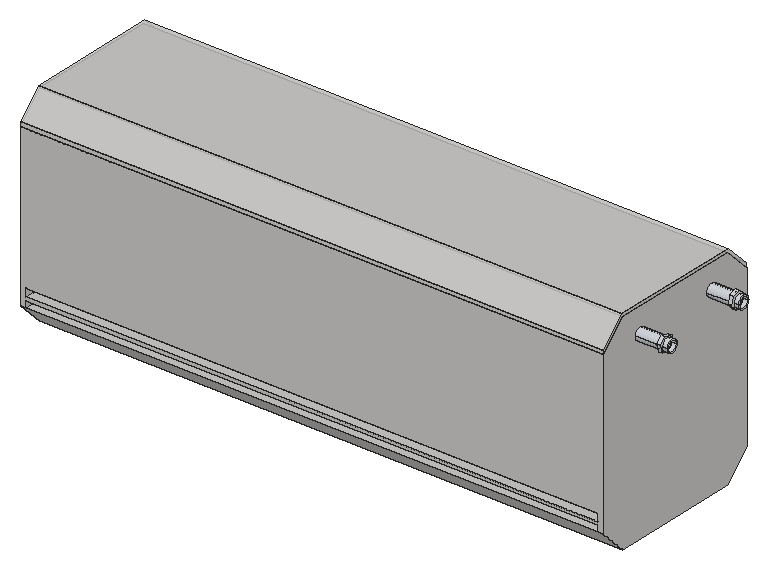
Revit family "Air-Curtain_Customer-Entry_PoweredAire_CED-HW-ST", category Mechanical Equipment, host Face, Revit 2025
Family settings
  Host = Face
  Round Connector Dimension = Use Diameter
  Part Type = Normal
  OmniClass Number = 23.75.35.17.21
  OmniClass Title = Air Curtains
  Cut with Voids When Loaded = No
  Maintain Annotation Orientation = No
  Shared = No
  Room Calculation Point = No
Parameters
  upperrotation [instance] = if(Upper Pipe Connection Side A, 0.00°, 180.00°)  # 0.00°
  lowerrotation [instance] = if(Lower Pipe Connection Side A, 0.00°, 180.00°)  # 0.00°
  locateupperpipe [instance] = 0.00"
  locatelowerpipe [instance] = 0.00"
  Upper Pipe Connection Side A [instance] = yes
  Unit Width Notes = "Other Widths available."  # constant formula
  Unit Width [instance] = 49.00"
  Unit Weight = 0
  Unit Height [instance] = 15.00"
  Unit Depth [instance] = 17.50"
  URL = "http://www.poweredaire.com/"
  Specification = ""
  Projection from Host [instance] = 2.00"
  Product Page URL = "https://www.arcat.com/company/powered-aire-inc-47623"
  Power Rating = 0 W
  Piping_Water Flow [instance] = 0 GPM
  Piping_Operating Pressure [instance] = 0.00 psi
  Piping_Exit Temperature [instance] = 0 °F
  Piping_Entry Temperature [instance] = 0 °F
  Pipe OD [instance] = 5/8"
  Mounting Width = 45.00"
  Mounting Height [instance] = 50.00"
  Motor RPM = 0
  Motor HP = 0
  Motor Count = 0
  Model = "ECE ST"
  Max Height = 0.00"
  Manufacturer = "Powered Aire, Inc"
  Lower Pipe Connection Side A [instance] = yes
  Keynote = "23 34 33"
  Junction height [instance] = 2.25"
  Include Filters [instance] = no
  Include Clearance [instance] = yes
  Heating Element Load = 0 W
  HVAC_Temperature Rise [instance] = 0 °F
  HVAC_Outlet Volume [instance] = 0 CFM
  HVAC_Outlet Velocity Uniformity = 0
  HVAC_Outlet Velocity [instance] = 0 FPM
  HVAC_BTU Input = 0.0 Btu/h
  Front Grating Material [instance] = Metal - Steel - PoweredAire - Stainless 304 Perforated
  Frame Finish [instance] = Metal - Steel - PoweredAire - Stainless 304
  Electrical_Wattage [instance] = Power Rating + Heating Element Load  # 0 W
  Electrical_Voltage [instance] = 0 V
  Electrical_Phase [instance] = 1
  Electrical_Frequency [instance] = 0 Hz
  Electrical_Amperage [instance] = 0 A
  Description = ""
  Default Elevation = 0.00"  # constant formula
  Copyright = "©Arcat Inc."
  Clearance_Top [instance] = 20.50"
  Clearance_Side B [instance] = 11.875"
  Clearance_Side A [instance] = 11.875"
  Clearance_Intake [instance] = 8.75"
  Clearance_Bottom [instance] = 12.00"
  Clearance Material [instance] = ARCAT Clearance
  CAD Details = ""
  Assembly Code = "D3090400"
Reference planes (in)
  plane 1 "Center (Elevation)": y = 8.13818
  plane 2: z = 0
  plane 3 "Center (Left/Right)": x = 0
  plane 4 "FF": y = -41.86182
  plane 5: z = 2
  plane 6: x = 24.5
  plane 7: x = -24.5
  plane 8: z = 19.5
  plane 9: z = 17.5
  plane 10: z = 4
  plane 11: y = 15.63818
  plane 12: y = 0.63818
  plane 13: z = 0
  plane 14: x = -24.03
  plane 15: x = 24.03
  plane 16: y = 17.88818
Forms (in)
  Extrusion 1, solid, material "Metal - Steel - PoweredAire - Stainless 304" <- "Frame Finish"
    sketch origin (0, 0, 6.73006) x (0, 1, 0) y (0, 0, 1)
      loop
        line (0.63818, -2.73006) -> (2.63818, -4.73006) -> (13.63818, -4.73006) -> (15.63818, -2.73006) -> (15.63818, 10.76994) -> (13.63818, 12.76994) -> (2.63818, 12.76994) -> (0.63818, 10.76994) -> (0.63818, -2.73006)
    from -24.5 to 24.5
  Extrusion 2, void
    sketch origin (0, 0.875, 1) x (0, 1, 0) y (0, 0, 1)
      loop
        line (-0.23682, 3) -> (0.76318, 3) -> (0.76318, 4.5) -> (-0.23682, 4.5) -> (-0.23682, 3.82425) -> (0.61636, 3.82425) -> (0.61636, 3.57425) -> (-0.23682, 3.57425) -> (-0.23682, 3)
    from -24.03 to 24.03
  Extrusion 3, solid
    sketch origin (0, 8.13818, 0) x (1, 0, 0) y (0, 0, 1)
      loop
        line (1.75, 15.38) -> (-1.75, 15.38)
        arc (-1.75, 15.38) -> (-1.92678, 15.30678) -> (-2, 15.13) r 0.25
        line (-2, 15.13) -> (-2, 11.63)
        arc (-2, 11.63) -> (-1.92678, 11.45322) -> (-1.75, 11.38) r 0.25
        line (-1.75, 11.38) -> (1.75, 11.38)
        arc (1.75, 11.38) -> (1.92678, 11.45322) -> (2, 11.63) r 0.25
        line (2, 11.63) -> (2, 15.13)
        arc (2, 15.13) -> (1.92678, 15.30678) -> (1.75, 15.38) r 0.25
      loop
        circle (1.75, 15.13) r 0.03224
      loop
        circle (-1.75, 11.63) r 0.03224
    from -9.75 to -7.5
  Extrusion 4, solid, material "Metal - Steel - PoweredAire - Stainless 304 Perforated" <- "Front Grating Material"
    sketch origin (0, 0, 0) x (0, 1, 0) y (0, 0, 1)
      loop
        line (15.63818, 17.5) -> (15.63818, 17.83698) -> (13.73688, 19.73828) -> (2.53948, 19.73828) -> (0.63818, 17.83698) -> (0.63818, 17.5) -> (2.63818, 19.5) -> (13.63818, 19.5) -> (15.63818, 17.5)
    from -24.5 to 24.5
  Extrusion 5, void
    sketch origin (0, 8.13818, 0) x (1, 0, 0) y (0, 0, 1)
      loop
        circle (24, 15.5) r 0.19
      loop
        circle (24, 6) r 0.19
      loop
        circle (-24, 15.5) r 0.19
      loop
        circle (-24, 6) r 0.19
    from -9.75 to 0
Cuts and joins
  Extrusion 2, Extrusion 5 cuts Extrusion 1
Dimensions and locks (in)
  equal spacing: plane 7, plane 3 "Center (Left/Right)", plane 6
  "Unit Width": plane 7 to plane 6
  equal spacing: plane 12, plane 1 "Center (Elevation)", plane 11
  "Unit Height": plane 12 to plane 11
  Extrusion 2 sketch curve to Extrusion 2 sketch curve to Extrusion 2 sketch curve to Extrusion 2 sketch curve = 0.67575" locked, 0.25" locked, 0.57425" locked
  locked: Extrusion 2 sketch curve to Extrusion 2 sketch curve at 0.14681
  locked: Extrusion 1 sketch curve to plane 5 at 2  (x2)
  locked: Extrusion 3 sketch curve to Extrusion 3 sketch curve at 4  (x2)
  equal spacing: Extrusion 3 sketch curve, plane 3 "Center (Left/Right)", Extrusion 3 sketch curve
  locked: Extrusion 3 sketch curve to plane 9 at 2.12
  locked: plane 10 to plane 5 at 2
  locked: plane 11 to Extrusion 1 sketch curve at 2
  locked: Extrusion 1 sketch curve to plane 12 at 2
  locked: plane 8 to plane 9 at 2
  "Unit Depth": plane 8 to plane 5
  "Projection from Host": plane 5 to plane 13
  locked: nested 1 to plane 12 at 3.75027
  locked: nested 2 to plane 11 at 3.75027
  "Mounting Height": plane 1 "Center (Elevation)" to plane 4 "FF"
  locked: plane 7 to plane 14 at 0.47
  locked: plane 15 to plane 6 at 0.47
  plane 14 to plane 15 = 48.06"
  "Junction height": plane 11 to plane 16
  aligned and locked: plane 2 to host face
  aligned and locked: level to host face
  aligned and locked: plane 10 to cut or joined group of Extrusion 1, Extrusion 2, Extrusion 5
  aligned and locked: plane 8 to cut or joined group of Extrusion 1, Extrusion 2, Extrusion 5
  aligned and locked: plane 9 to cut or joined group of Extrusion 1, Extrusion 2, Extrusion 5
  aligned and locked: cut or joined group of Extrusion 1, Extrusion 2, Extrusion 5 to plane 8
  aligned and locked: cut or joined group of Extrusion 1, Extrusion 2, Extrusion 5 to plane 5
  aligned and locked: cut or joined group of Extrusion 1, Extrusion 2, Extrusion 5 to plane 10
  aligned and locked: host face to plane 13
  aligned and locked: cut or joined group of Extrusion 1, Extrusion 2, Extrusion 5 to plane 7
  aligned and locked: plane 6 to cut or joined group of Extrusion 1, Extrusion 2, Extrusion 5
  aligned and locked: Extrusion 4 sketch curve to plane 8
  aligned and locked: Extrusion 4 to cut or joined group of Extrusion 1, Extrusion 2, Extrusion 5  (x5)
  aligned and locked: plane 11 to Extrusion 3
  aligned and locked: nested 1 to plane 6
  aligned and locked: plane 15 to cut or joined group of Extrusion 1, Extrusion 2, Extrusion 5
  aligned and locked: cut or joined group of Extrusion 1, Extrusion 2, Extrusion 5 to plane 14
  aligned and locked: Extrusion 4 to plane 11
  aligned and locked: Extrusion 4 to plane 12
  aligned and locked: cut or joined group of Extrusion 1, Extrusion 2, Extrusion 5 to plane 12  (x2)
  aligned and locked: cut or joined group of Extrusion 1, Extrusion 2, Extrusion 5 to plane 11  (x2)
  aligned and locked: plane 12 to Extrusion 1 sketch curve
  aligned and locked: Extrusion 1 sketch curve to plane 11
  aligned and locked: Extrusion 5 to Extrusion 3
  aligned and locked: Extrusion 1 sketch curve to Extrusion 4
  aligned and locked: Extrusion 2 sketch curve to plane 12
  aligned and locked: plane 12 to cut or joined group of Extrusion 1, Extrusion 2, Extrusion 5
  aligned and locked: plane 1 "Center (Elevation)" to cut or joined group of Extrusion 1, Extrusion 2, Extrusion 5
  aligned and locked: Extrusion 1 to plane 11
  aligned and locked: plane 16 to Extrusion 3
Automatic sketch dimensions
  host sketch curve to host sketch curve = 96.00"  (x2)
  Extrusion 1 sketch curve to plane 8 = 0.00"
  Extrusion 1 sketch curve to plane 5 = 0.00"
  Extrusion 1 sketch curve to plane 9 = 0.00"
  plane 10 to Extrusion 2 sketch curve = 0.00"
  plane 12 to Extrusion 2 sketch curve = 0.85319"
  Extrusion 4 sketch curve to plane 9 = 0.00"  (x2)
  Extrusion 4 sketch curve to plane 12 = 0.00"
  Extrusion 4 sketch curve to plane 11 = 0.00"
  Extrusion 4 sketch curve to Extrusion 4 sketch curve = 0.0987"  (x2)
  plane 8 to Extrusion 4 sketch curve = 0.23828"
  plane 12 to Extrusion 4 sketch curve = 1.9013"
  plane 11 to Extrusion 4 sketch curve = 2.00"
  Extrusion 4 sketch curve to Extrusion 4 sketch curve = 0.33698"
  plane 9 to Extrusion 4 sketch curve = 0.33698"
  Extrusion 2 sketch curve to plane 12 = 0.00"
  plane 11 to Extrusion 1 sketch curve = 2.00"
  Extrusion 3 sketch curve to Extrusion 3 sketch curve = 0.00"  (x4)
  Extrusion 3 sketch curve to Extrusion 3 sketch curve = 0.25"  (x4)
  plane 14 to Extrusion 5 sketch curve = 0.03"  (x2)
  Extrusion 5 sketch curve to plane 15 = 0.03"  (x2)
  Extrusion 5 sketch curve to plane 9 = 2.00"  (x2)
  Extrusion 5 sketch curve to plane 10 = 2.00"  (x2)
  radius of Extrusion 3 sketch curve = 0.03224"  (x2)
  radius of Extrusion 5 sketch curve = 0.19"  (x4)
Nested families (in)
  nested 1: "Valve" at (24.5, 4.38845, 30.15595) x (0, 1, 0) z (1, 0, 0), type "Valve"
    with upperpiperotation 0.00°, lowerpiperotation 0.00°, locateupperpipe 0.00", locatelowerpipe 0.00", Upper Pipe Connection Side A yes, Projection from Host 4.00", Piping_Water Flow 0 GPM, Piping_Operating Pressure 0.00 psi, Piping_Exit Temperature 0 °F, Piping_Entry Temperature 0 °F, Pipe OD 5/8", Mounting Height 42.00", Lower Pipe Connection Side A yes, Include Clearance yes, Front Grating Material Metal - Steel - PoweredAire - White Perforated, Frame Finish Metal - Steel - PoweredAire - Stainless 304, Electrical_Wattage 0 W, Electrical_Voltage 0 V, Electrical_Phase 1, Electrical_Frequency 0 Hz, Electrical_Amperage 0 A, Cover Finish Metal - Steel - PoweredAire - White, Clearance_Top 0.00", Clearance_Side B 0.00", Clearance_Side A 0.00", Clearance_Intake 0.00", Clearance_Front 43.00", Clearance Material ARCAT Clearance
  nested 2: "Valve" at (24.5, 11.88791, 30.15595) x (0, -1, 0) z (1, 0, 0), type "Valve"
    with upperpiperotation 0.00°, lowerpiperotation 0.00°, locateupperpipe 0.00", locatelowerpipe 0.00", Upper Pipe Connection Side A yes, Projection from Host 4.00", Piping_Water Flow 0 GPM, Piping_Operating Pressure 0.00 psi, Piping_Exit Temperature 0 °F, Piping_Entry Temperature 0 °F, Pipe OD 5/8", Mounting Height 42.00", Lower Pipe Connection Side A yes, Include Clearance yes, Front Grating Material Metal - Steel - PoweredAire - White Perforated, Frame Finish Metal - Steel - PoweredAire - Stainless 304, Electrical_Wattage 0 W, Electrical_Voltage 0 V, Electrical_Phase 1, Electrical_Frequency 0 Hz, Electrical_Amperage 0 A, Cover Finish Metal - Steel - PoweredAire - White, Clearance_Top 0.00", Clearance_Side B 0.00", Clearance_Side A 0.00", Clearance_Intake 0.00", Clearance_Front 43.00", Clearance Material ARCAT Clearance
Definition of nested family "Valve"
  Parameters (values of type "Valve")
    upperpiperotation [instance] = if(Upper Pipe Connection Side A, 0.00°, 180.00°)  # 0.00°
    lowerpiperotation [instance] = if(Lower Pipe Connection Side A, 0.00°, 180.00°)  # 0.00°
    locateupperpipe [instance] = if(Upper Pipe Connection Side A, 0.00", Nozzle Width)  # 0.00"
    locatelowerpipe [instance] = if(Lower Pipe Connection Side A, 0.00", Nozzle Width)  # 0.00"
    Upper Pipe Connection Side A [instance] = yes
    Unit Width Notes = "Other Widths available."  # constant formula
    Unit Width = 73.00"
    Unit Weight = 0
    Unit Height = 15.00"
    Unit Depth = 17.00"
    URL = "http://www.poweredaire.com/"
    Specification = ""
    Projection from Host [instance] = 4.00"
    Product Page URL = "https://www.arcat.com/company/powered-aire-inc-47623"
    Power Rating = 0 W
    Piping_Water Flow [instance] = 0 GPM
    Piping_Operating Pressure [instance] = 0.00 psi
    Piping_Exit Temperature [instance] = 0 °F
    Piping_Entry Temperature [instance] = 0 °F
    Pipe OD [instance] = 5/8"
    Nozzle Width = if(1 = 1, Unit Width - 3.00", 0.00")  # 70.00"
    Mounting Width = if(1 = 1, Unit Width - 1.50", 0.00")  # 71.50"
    Mounting Height [instance] = 42.00"
    Motor RPM = 0
    Motor HP = 0
    Motor Count = 0
    Model = "CLD CHD HW ST"
    Max Height = 0.00"
    Manufacturer = "Powered Aire, Inc"
    Lower Pipe Connection Side A [instance] = yes
    Keynote = "23 34 33"
    Junction Height = 1.77"
    Include Clearance [instance] = yes
    Heating Element Load = 0 W
    HVAC_Temperature Rise = 0 °F
    HVAC_Outlet Volume = 0 CFM
    HVAC_Outlet Velocity Uniformity = 0
    HVAC_Outlet Velocity = 0 FPM
    HVAC_BTU Input = 0.0 Btu/h
    Front Grating Material [instance] = none
    Frame Finish [instance] = none
    Electrical_Wattage [instance] = Power Rating + Heating Element Load  # 0 W
    Electrical_Voltage [instance] = 0 V
    Electrical_Phase [instance] = 1
    Electrical_Frequency [instance] = 0 Hz
    Electrical_Amperage [instance] = 0 A
    Description = ""
    Default Elevation = 0.00"  # constant formula
    Cover Finish [instance] = none
    Copyright = "©Arcat Inc."
    Clearance_Top [instance] = 0.00"
    Clearance_Side B [instance] = 0.00"
    Clearance_Side A [instance] = 0.00"
    Clearance_Intake [instance] = 0.00"
    Clearance_Front [instance] = 43.00"
    Clearance Material [instance] = none
    CAD Details = ""
    Assembly Code = "D3090400"
  Reference planes (in)
    plane 1 "Center (Elevation)": y = -12.65595
    plane 2: z = 0
    plane 3 "Center (Left/Right)": x = 0
  Forms (in)
    Extrusion 1, solid
      sketch origin (0, 0, 0) x (1, 0, 0) y (0, 1, 0)
        loop
          line (-60, 48) -> (-60, -48) -> (63.22671, -48) -> (63.22671, 48) -> (-60, 48)
      from 0 to -12
    Extrusion 2, solid
      sketch origin (0, 0, 0) x (1, 0, 0) y (0, 1, 0)
        loop
          circle (0, -12.65595) r 0.45
        loop
          circle (0, -12.65595) r 0.5
      from 0 to 2.75
    Extrusion 3, solid
      sketch origin (0, 0, 0) x (1, 0, 0) y (0, 1, 0)
        loop
          line (0.64691, -12.82929) -> (0.47357, -12.18238) -> (-0.17334, -12.00904) -> (-0.64691, -12.48261) -> (-0.47357, -13.12952) -> (0.17334, -13.30286) -> (0.64691, -12.82929)
        loop
          circle (0, -12.65595) r 0.5
      from 1.99342 to 2.31497
  Dimensions and locks (in)
    aligned and locked: plane 2 to Extrusion 1
    aligned and locked: level to Extrusion 1
